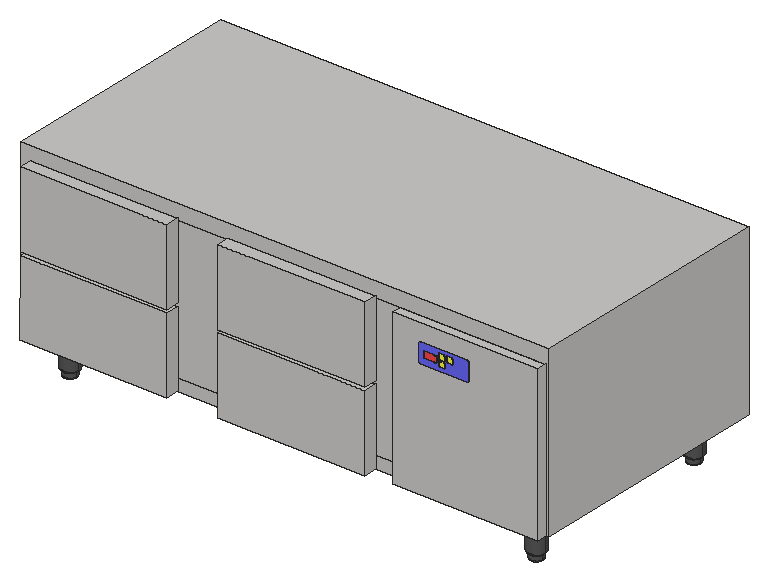
Revit family "QF_CAPIC_REF_W293116", category Equipement spécialisé, Revit 2018
Family settings
  Cote de connecteur circulaire = Utiliser le diamètre
  Type d'élément = Normal
  Numéro OmniClass = 23.40.40.14
  Titre OmniClass = Food Service Equipment
  Basée sur le plan de construction = Non
  Toujours verticalement = Oui
  Couper avec des vides une fois chargée = Non
  Partagée = Non
  Point de calcul de pièce = Non
Parameters (values of type "L=1600mm")
  URL catalogue = "http://www.capic-fr.com/fr/"
  Type de Raccord Plomberie [instance] = ""
  Type de Raccord Electrique [instance] = "Bornier interne"
  Type de Gaz = ""
  Type article [instance] = ""
  Tension = 230 V
  Spécification du Fabricant = ""
  Show Logo = yes
  Remarques evacuation [instance] = "ecoulement condensat sous le meuble"
  Remarques Plomberie [instance] = ""
  Remarques Electricité [instance] = "230V x1 +T"
  Puissance électrique  = 740 W
  Puissance Gaz kW = 0
  Profondeur hors tout = 755 mm
  Pression Maximum Eau Adoucie = 0.0 Pa
  Poids net à vide = 150.00 kg
  Phase = 1
  Modèle = "W293116"
  Longueur hors tout = 1600 mm
  Intensité nominale = 0 A
  Hauteur hors tout = 630 mm
  Hauteur de Raccordement du Sol Finis = 195 mm
  Hauteur de Raccordement Gaz du Sol Finis = 0 mm
  Hauteur de Raccordement Evacuation Directe du Sol Finis = 0 mm
  Hauteur de Raccordement Eau Froide du Sol Finis = 0 mm
  Hauteur de Raccordement Eau Chaude du Sol Finis = 0 mm
  Hauteur de Raccordement Eau Adoucie du Sol Finis = 0 mm
  Fréquence = 50 Hz
  Fabricant = "CAPIC"
  Débit d'air d'extraction = 0.0 m³/h
  Débit Gaz = 0.0 L/s
  Débit Eau Froide = 0.0 L/s
  Débit Eau Chaude = 0.0 L/s
  Débit Eau Adoucie = 0.0 L/s
  Diamètre de Raccordement Gaz = 0 mm
  Diamètre de Raccordement Evacuation = 20 mm
  Diamètre de Raccordement Eau Froide = 0 mm
  Diamètre de Raccordement Eau Chaude = 0 mm
  Diamètre de Raccordement Eau Adoucie = 0 mm
  Description = "4 tiroirs refigérés + groupe"
  Assembly Code = ""
  Classification  Omniclass nombre et titre = "23.40.40.14"
Reference planes
  plane 1 "Centre (avant/arrière)": y = 0
  plane 2: z = 0
  plane 3 "Centre (gauche/droite)": x = 0
  plane 4 "Centre G/E": y = 0
  plane 5: y = -838
  plane 6: x = 1600
  plane 7: x = 1598
  plane 8: x = 2
  plane 9: x = 1565
  plane 10: y = -818
  plane 11: x = 1558
  plane 12: y = -223
  plane 13: y = -820
  plane 14: z = 141
  plane 15: x = 42
  plane 16: x = 35
  plane 17: y = -182
  plane 18: z = 621
  plane 19: z = 120
  plane 20: y = -83
Forms (mm)
  Extrusion 1, solid, material "QF_Stainless Steel-Brushed"
    sketch origin (1480, 0, 0) x (1, 0, 0) y (0, 0, 1)
      loop
        line (-1480, 630) -> (-1480, 120) -> (120, 120) -> (120, 630) -> (-1480, 630)
    from 838 to 83
  Extrusion 2, void
    sketch origin (1480, 0, 0) x (1, 0, 0) y (0, 0, 1)
      loop
        line (-1445, 155.456) -> (85, 155.456) -> (85, 585.456) -> (-1445, 585.456) -> (-1445, 155.456)
    from 838 to 182
  Extrusion 3, void
    sketch origin (1480, 0, 0) x (1, 0, 0) y (0, 1, 0)
      loop
        line (-1445, -182) -> (-1445, -820) -> (85, -820) -> (85, -182) -> (-1445, -182)
    from 120 to 141
  Extrusion 4, solid, material "QF_Stainless Steel-Brushed"
    sketch origin (1480, -838, 0) x (1, 0, 0) y (0, 0, 1)
      loop
        line (-1445, 585.456) -> (-1445, 155.456) -> (85, 155.456) -> (85, 585.456) -> (-1445, 585.456)
    from 0 to -1
  Extrusion 5, solid, material "QF_Stainless Steel-Brushed"
    sketch origin (1480, -838, 0) x (1, 0, 0) y (0, 0, 1)
      loop
        line (-330, 585) -> (-330, 120) -> (110, 120) -> (110, 585) -> (-330, 585)
    from 0 to 30
  Extrusion 6, solid, material "QF_Stainless Steel-Brushed"
    sketch origin (1415.16, -838, 19.9) x (1, 0, 0) y (0, 0, 1)
      loop
        line (-1385.66, 570.1) -> (-1385.66, 340.1) -> (-940.66, 340.1) -> (-940.66, 570.1) -> (-1385.66, 570.1)
    from 0 to 40
  Extrusion 7, solid, material "QF_Stainless Steel-Brushed"
    sketch origin (1415.16, -838, -220.1) x (1, 0, 0) y (0, 0, 1)
      loop
        line (-1385.66, 570.1) -> (-1385.66, 340.1) -> (-940.66, 340.1) -> (-940.66, 570.1) -> (-1385.66, 570.1)
    from 0 to 40
  Extrusion 8, solid, material "QF_Stainless Steel-Brushed"
    sketch origin (2015.16, -838, 19.9) x (1, 0, 0) y (0, 0, 1)
      loop
        line (-1385.66, 570.1) -> (-1385.66, 340.1) -> (-940.66, 340.1) -> (-940.66, 570.1) -> (-1385.66, 570.1)
    from 0 to 40
  Extrusion 9, solid, material "QF_Stainless Steel-Brushed"
    sketch origin (2015.16, -838, -220.1) x (1, 0, 0) y (0, 0, 1)
      loop
        line (-1385.66, 570.1) -> (-1385.66, 340.1) -> (-940.66, 340.1) -> (-940.66, 570.1) -> (-1385.66, 570.1)
    from 0 to 40
Cuts and joins
  Extrusion 2, Extrusion 3 cuts Extrusion 1
Lines and regions (mm)
  model lines
    curve 1: line (197, -878, 570) -> (307, -878, 570)
    curve 2: line (197, -878, 515) -> (197, -878, 570)
    curve 3: line (307, -878, 515) -> (197, -878, 515)
    curve 4: line (307, -878, 570) -> (307, -878, 515)
    curve 5: line (300, -878, 563) -> (204, -878, 563)
    curve 6: line (204, -878, 563) -> (204, -878, 522)
    curve 7: line (300, -878, 522) -> (300, -878, 563)
    curve 8: line (204, -878, 522) -> (300, -878, 522)
    curve 9: line (197, -878, 330) -> (307, -878, 330)
    curve 10: line (197, -878, 275) -> (197, -878, 330)
    curve 11: line (307, -878, 275) -> (197, -878, 275)
    curve 12: line (307, -878, 330) -> (307, -878, 275)
    curve 13: line (300, -878, 323) -> (204, -878, 323)
    curve 14: line (204, -878, 323) -> (204, -878, 282)
    curve 15: line (300, -878, 282) -> (300, -878, 323)
    curve 16: line (204, -878, 282) -> (300, -878, 282)
    curve 17: line (1170, -868, 361.312) -> (1570, -868, 361.312)
    curve 18: line (1170, -868, 140) -> (1170, -868, 361.312)
    curve 19: line (1570, -868, 140) -> (1170, -868, 140)
    curve 20: line (1570, -868, 361.312) -> (1570, -868, 140)
    curve 21: line (1170, -868, 346.312) -> (1570, -868, 346.312)
    curve 22: line (1170, -868, 331.312) -> (1570, -868, 331.312)
    curve 23: line (1170, -868, 316.312) -> (1570, -868, 316.312)
    curve 24: line (1170, -868, 301.312) -> (1570, -868, 301.312)
    curve 25: line (1170, -868, 286.312) -> (1570, -868, 286.312)
    curve 26: line (1170, -868, 271.312) -> (1570, -868, 271.312)
    curve 27: line (1170, -868, 256.312) -> (1570, -868, 256.312)
    curve 28: line (1170, -868, 241.312) -> (1570, -868, 241.312)
    curve 29: line (1170, -868, 226.312) -> (1570, -868, 226.312)
    curve 30: line (1170, -868, 211.312) -> (1570, -868, 211.312)
    curve 31: line (1170, -868, 196.312) -> (1570, -868, 196.312)
    curve 32: line (1170, -868, 181.312) -> (1570, -868, 181.312)
    curve 33: line (1170, -868, 166.312) -> (1570, -868, 166.312)
    curve 34: line (1170, -868, 151.312) -> (1570, -868, 151.312)
    curve 35: line (797, -878, 570) -> (907, -878, 570)
    curve 36: line (797, -878, 515) -> (797, -878, 570)
    curve 37: line (907, -878, 515) -> (797, -878, 515)
    curve 38: line (907, -878, 570) -> (907, -878, 515)
    curve 39: line (900, -878, 563) -> (804, -878, 563)
    curve 40: line (804, -878, 563) -> (804, -878, 522)
    curve 41: line (900, -878, 522) -> (900, -878, 563)
    curve 42: line (804, -878, 522) -> (900, -878, 522)
    curve 43: line (797, -878, 330) -> (907, -878, 330)
    curve 44: line (797, -878, 275) -> (797, -878, 330)
    curve 45: line (907, -878, 275) -> (797, -878, 275)
    curve 46: line (907, -878, 330) -> (907, -878, 275)
    curve 47: line (900, -878, 323) -> (804, -878, 323)
    curve 48: line (804, -878, 323) -> (804, -878, 282)
    curve 49: line (900, -878, 282) -> (900, -878, 323)
    curve 50: line (804, -878, 282) -> (900, -878, 282)
Dimensions and locks
  locked: plane 9 to plane 6 at 35
  locked: plane 10 to plane 5 at 20
  "Profondeur hors tout": plane 5 to plane 20
  locked: plane 12 to plane 13 at 597
  locked: plane 7 to plane 6 at 2
  locked: plane 3 "Centre (gauche/droite)" to plane 8 at 2
  "Longueur hors tout": plane 3 "Centre (gauche/droite)" to plane 6
  locked: plane 3 "Centre (gauche/droite)" to plane 16 at 35
  locked: plane 13 to plane 5 at 18
  locked: plane 3 "Centre (gauche/droite)" to plane 15 at 42
  locked: plane 11 to plane 6 at 42
  locked: plane 17 to plane 5 at 656
  plane 14 to plane 19 to plane 2 = 21 mm locked, 120 mm locked
  locked: plane 20 to plane 4 "Centre G/E" at 83
  aligned and locked: level to plane 2
  aligned and locked: Extrusion 1 to Extrusion 2
  aligned and locked: cut or joined group of Extrusion 1, Extrusion 2, Extrusion 3 to plane 5
  aligned and locked: nested 1 to plane 14
  aligned and locked: nested 2 to plane 14
  aligned and locked: nested 2 to plane 13
  aligned and locked: nested 2 to plane 15
  aligned and locked: nested 1 to plane 15
  aligned and locked: nested 1 to plane 12
  aligned and locked: nested 3 to plane 11
  aligned and locked: nested 4 to plane 11
  aligned and locked: plane 13 to nested 4
  aligned and locked: Extrusion 3 to plane 13
  aligned and locked: plane 17 to cut or joined group of Extrusion 1, Extrusion 2, Extrusion 3
  aligned and locked: plane 12 to nested 3
  aligned and locked: cut or joined group of Extrusion 1, Extrusion 2, Extrusion 3 to plane 17
  aligned and locked: cut or joined group of Extrusion 1, Extrusion 2, Extrusion 3 to plane 20
  aligned and locked: plane 16 to Extrusion 4 sketch curve
  aligned and locked: plane 19 to Extrusion 5 sketch curve
Automatic sketch dimensions
  Extrusion 1 sketch curve to plane 3 "Centre (gauche/droite)" = 0 mm
  Extrusion 1 sketch curve to plane 6 = 0 mm
  Extrusion 1 sketch curve to plane 19 = 0 mm
  plane 18 to Extrusion 1 sketch curve = 9 mm
  Extrusion 2 sketch curve to plane 16 = 0 mm
  Extrusion 2 sketch curve to plane 9 = 0 mm
  Extrusion 2 sketch curve to plane 14 = 14.456 mm
  Extrusion 2 sketch curve to plane 18 = 35.544 mm
  Extrusion 3 sketch curve to plane 13 = 0 mm
  Extrusion 3 sketch curve to plane 16 = 0 mm
  Extrusion 3 sketch curve to plane 9 = 0 mm
  Extrusion 3 sketch curve to plane 17 = 0 mm
  Extrusion 4 sketch curve to Extrusion 1 = 35 mm
  Extrusion 4 sketch curve to Extrusion 1 = 35.456 mm
  Extrusion 4 sketch curve to Extrusion 1 = 44.544 mm
  Extrusion 5 sketch curve to Extrusion 4 = 415 mm
  Extrusion 4 to Extrusion 5 sketch curve = 25 mm
  Extrusion 5 sketch curve to Extrusion 4 = 0.456 mm
  Extrusion 6 sketch curve to Extrusion 1 = 29.5 mm
  Extrusion 6 sketch curve to Extrusion 6 sketch curve = 445 mm
  Extrusion 6 sketch curve to Extrusion 1 = 240 mm
  Extrusion 6 sketch curve to Extrusion 1 = 40 mm
  curve 1 to Extrusion 6 = 20 mm
  curve 1 to Extrusion 6 = 167.5 mm
  curve 2 to curve 8 = 7 mm
  curve 5 to Extrusion 6 = 27 mm
  curve 5 to curve 5 = 96 mm
  curve 7 to curve 3 = 7 mm
  curve 6 to curve 5 = 41 mm
  curve 3 to curve 6 = 7 mm
  Extrusion 7 sketch curve to Extrusion 1 = 0 mm
  Extrusion 7 sketch curve to Extrusion 1 = 29.5 mm
  Extrusion 7 sketch curve to Extrusion 7 sketch curve = 445 mm
  Extrusion 7 sketch curve to Extrusion 7 sketch curve = 230 mm
  curve 9 to Extrusion 7 = 20 mm
  curve 9 to Extrusion 7 = 167.5 mm
  curve 10 to curve 16 = 7 mm
  curve 13 to Extrusion 7 = 27 mm
  curve 13 to curve 13 = 96 mm
  curve 15 to curve 11 = 7 mm
  curve 14 to curve 13 = 41 mm
  curve 11 to curve 14 = 7 mm
  curve 17 to Extrusion 5 = 20 mm
  curve 20 to Extrusion 5 = 20 mm
  curve 19 to Extrusion 5 = 20 mm
  curve 18 to curve 18 = 221.312 mm
  curve 18 to curve 34 = 11.312 mm
  curve 34 to curve 33 = 15 mm
  curve 33 to curve 32 = 15 mm
  curve 32 to curve 31 = 15 mm
  curve 31 to curve 30 = 15 mm
  curve 30 to curve 29 = 15 mm
  curve 29 to curve 28 = 15 mm
  curve 28 to curve 27 = 15 mm
  curve 27 to curve 26 = 15 mm
  curve 26 to curve 25 = 15 mm
  curve 25 to curve 24 = 15 mm
  curve 24 to curve 23 = 15 mm
  curve 23 to curve 22 = 15 mm
  curve 21 to curve 17 = 15 mm
  Extrusion 8 sketch curve to Extrusion 1 = 240 mm
  Extrusion 8 sketch curve to Extrusion 1 = 629.5 mm
  Extrusion 8 sketch curve to Extrusion 8 sketch curve = 445 mm
  Extrusion 8 sketch curve to Extrusion 1 = 40 mm
  curve 35 to Extrusion 8 = 20 mm
  curve 35 to Extrusion 8 = 167.5 mm
  curve 36 to curve 42 = 7 mm
  curve 39 to Extrusion 8 = 27 mm
  curve 39 to curve 39 = 96 mm
  curve 41 to curve 37 = 7 mm
  curve 40 to curve 39 = 41 mm
  curve 37 to curve 40 = 7 mm
  Extrusion 9 sketch curve to Extrusion 1 = 0 mm
  Extrusion 9 sketch curve to Extrusion 1 = 629.5 mm
  Extrusion 9 sketch curve to Extrusion 9 sketch curve = 445 mm
  Extrusion 9 sketch curve to Extrusion 9 sketch curve = 230 mm
  curve 43 to Extrusion 9 = 20 mm
  curve 43 to Extrusion 9 = 167.5 mm
  curve 44 to curve 50 = 7 mm
  curve 47 to Extrusion 9 = 27 mm
  curve 47 to curve 47 = 96 mm
  curve 49 to curve 45 = 7 mm
  curve 48 to curve 47 = 41 mm
  curve 45 to curve 48 = 7 mm
Nested families
  nested 1: "QF_Details_Pied" at (93.5, -223, 0), type "QF_Details_Pied"
  nested 2: "QF_Details_Pied" at (93.5, -820, 0), type "QF_Details_Pied"
  nested 3: "QF_Details_Pied" at (1506.5, -223, 0), type "QF_Details_Pied"
  nested 4: "QF_Details_Pied" at (1506.5, -820, 0), type "QF_Details_Pied"
  nested 5: "QF_Details_CarteCdeDroit" at (1230, -11, -240), type "QF_Details_CarteCdeDroit"
Connectors
  piping at (550, -553, 141), diameter 20
    settings: on Extrusion 3, index 1, connector inside diameter 609.6 mm, connector length 0 mm, flow factor 0, pipe flow 0.0 L/s, pressure drop 0.0 Pa, fitting loss kfactor 0, connector angle 0.00°, fixture units 0, engagement length 0 mm, angle of deflection 0.00°, flow configuration 0, flow direction 0, fitting loss method 0, system type 16, joint type 0, gender type 0, connector reference index -1, connector utility 0, adjustable connector no, is connector primary yes, connector description ""
  electrical at (1362, -83, 195), driven by "Puissance électrique ", driven by "Tension"
    settings: on plane 20, index 2, voltage 230 V, apparent load 0.74 kW, apparent load phase1 0 kW, apparent load phase2 0 kW, apparent load phase3 0 kW, power factor 1, load classification "Autre", number of poles 2, system type 30, power factor state 1, is connector primary yes, connector utility no, sub classification motor no, connector description ""
Definition of nested family "QF_Details_Pied"
  Reference planes
    plane 1 "Centre (avant/arrière)": y = 0
    plane 2: z = 0
    plane 3 "Centre (gauche/droite)": x = 0
  Forms (mm)
    Extrusion 1, solid
      sketch origin (-137.492, 51.5, -340.756) x (1, 0, 0) y (0, 0, 1)
        loop
          line (85.992, 481.756) -> (85.992, 472.756) -> (188.992, 472.756) -> (188.992, 481.756) -> (85.992, 481.756)
      from -51.5 to 51.5
    Revolve 2, solid
      sketch origin (0, 51.5, -9) x (1, 0, 0) y (0, 0, 1)
        loop
          line (0, 141) -> (0, 9) -> (19.21, 9) -> (19.21, 13) -> (20.21, 13) -> (20.21, 26) -> (21.71, 26) -> (26.66, 30.95) -> (26.66, 90.95) -> (31.468, 136.698) -> (36.246, 141) -> (0, 141)
        axis (0, 141) -> (0, 9)
      angle from 0 to 360
  Dimensions and locks
    aligned and locked: level to plane 2
    aligned and locked: Extrusion 1 to Revolve 2 sketch curve
Definition of nested family "QF_Details_CarteCdeDroit"
  Reference planes
    plane 1 "Centre (avant/arrière)": y = 0
    plane 2: z = 0
    plane 3 "Centre (gauche/droite)": x = 0
  Forms (mm)
    Extrusion 1, solid
      sketch origin (0, -857, -12.998) x (1, 0, 0) y (0, 0, 1)
        loop
          arc (7, 787.388) -> (2.05, 785.338) -> (0, 780.388) r 7
          line (0, 780.388) -> (0, 735.388)
          arc (0, 735.388) -> (2.05, 730.439) -> (7, 728.388) r 7
          line (7, 728.388) -> (145, 728.388)
          arc (145, 728.388) -> (149.95, 730.439) -> (152, 735.388) r 7
          line (152, 735.388) -> (152, 780.388)
          arc (152, 780.388) -> (149.95, 785.338) -> (145, 787.388) r 7
          line (145, 787.388) -> (7, 787.388)
        loop
          line (15, 767.388) -> (15, 748.388) -> (54, 748.388) -> (54, 767.388) -> (15, 767.388)
        loop
          line (74, 776.917) -> (61, 776.917) -> (61, 763.917)
          arc (61, 763.917) -> (62.172, 761.089) -> (65, 759.917) r 4
          line (65, 759.917) -> (78, 759.917) -> (78, 772.917)
          arc (78, 772.917) -> (76.828, 775.745) -> (74, 776.917) r 4
        loop
          line (99, 776.917) -> (86, 776.917) -> (86, 763.917)
          arc (86, 763.917) -> (87.172, 761.089) -> (90, 759.917) r 4
          line (90, 759.917) -> (103, 759.917) -> (103, 772.917)
          arc (103, 772.917) -> (101.828, 775.745) -> (99, 776.917) r 4
        loop
          line (74, 756.917) -> (61, 756.917) -> (61, 743.917)
          arc (61, 743.917) -> (62.172, 741.089) -> (65, 739.917) r 4
          line (65, 739.917) -> (78, 739.917) -> (78, 752.917)
          arc (78, 752.917) -> (76.828, 755.745) -> (74, 756.917) r 4
      from 0 to 0.5
    Extrusion 2, solid
      sketch origin (0, -857, 0) x (1, 0, 0) y (0, 0, 1)
        loop
          line (15, 754.391) -> (15, 735.391) -> (54, 735.391) -> (54, 754.391) -> (15, 754.391)
      from 0 to 0.5
    Extrusion 3, solid
      sketch origin (0, -857, 0) x (1, 0, 0) y (0, 0, 1)
        loop
          line (61, 763.919) -> (61, 750.919)
          arc (61, 750.919) -> (62.172, 748.091) -> (65, 746.919) r 4
          line (65, 746.919) -> (78, 746.919) -> (78, 759.919)
          arc (78, 759.919) -> (76.828, 762.748) -> (74, 763.919) r 4
          line (74, 763.919) -> (61, 763.919)
      from 0 to 0.5
    Extrusion 4, solid
      sketch origin (0, -857, -20) x (1, 0, 0) y (0, 0, 1)
        loop
          line (61, 763.919) -> (61, 750.919)
          arc (61, 750.919) -> (62.172, 748.091) -> (65, 746.919) r 4
          line (65, 746.919) -> (78, 746.919) -> (78, 759.919)
          arc (78, 759.919) -> (76.828, 762.748) -> (74, 763.919) r 4
          line (74, 763.919) -> (61, 763.919)
      from 0 to 0.5
    Extrusion 5, solid
      sketch origin (25, -857, 0) x (1, 0, 0) y (0, 0, 1)
        loop
          line (61, 763.919) -> (61, 750.919)
          arc (61, 750.919) -> (62.172, 748.091) -> (65, 746.919) r 4
          line (65, 746.919) -> (78, 746.919) -> (78, 759.919)
          arc (78, 759.919) -> (76.828, 762.748) -> (74, 763.919) r 4
          line (74, 763.919) -> (61, 763.919)
      from 0 to 0.5
  Dimensions and locks
    aligned and locked: level to plane 2
